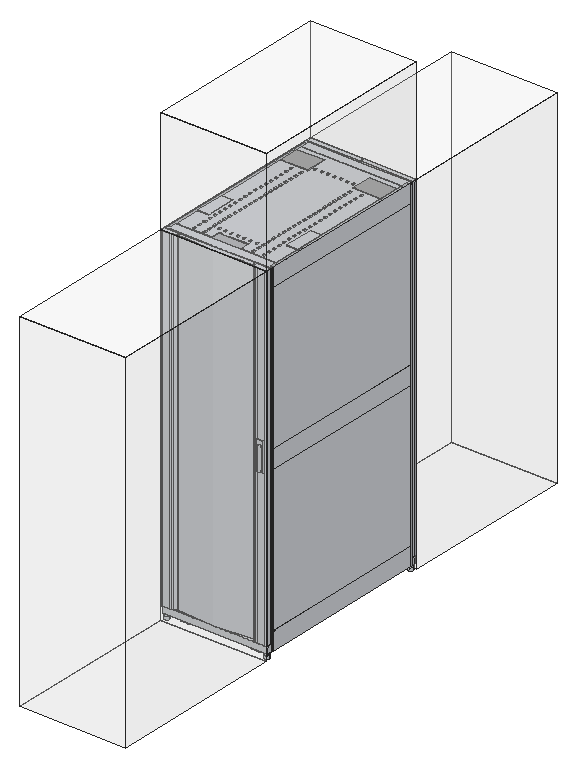
Revit family "BIM_NetShelter_SX_Series_Rack_Enclosure_21-jun-21", category Mechanical Equipment, Revit 2016 (continued)
Definition of nested family "Small Slots Array1"
  Automatic sketch dimensions
    Extrusion 6 sketch curve to Extrusion 6 sketch curve = 269.4 mm
    Extrusion 6 sketch curve to Extrusion 6 sketch curve = 0 mm
    Extrusion 6 sketch curve to Extrusion 6 sketch curve = 14 mm  (x2)
    Extrusion 7 sketch curve to Extrusion 7 sketch curve = 9.8 mm  (x2)
    Extrusion 7 sketch curve to Extrusion 7 sketch curve = 269.4 mm
    Extrusion 7 sketch curve to Extrusion 7 sketch curve = 0 mm
    Extrusion 7 sketch curve to Extrusion 7 sketch curve = 14 mm  (x2)
    Extrusion 8 sketch curve to Extrusion 8 sketch curve = 9.8 mm  (x2)
    Extrusion 8 sketch curve to Extrusion 8 sketch curve = 269.4 mm
    Extrusion 8 sketch curve to Extrusion 8 sketch curve = 0 mm
    Extrusion 8 sketch curve to Extrusion 8 sketch curve = 14 mm  (x2)
    Extrusion 9 sketch curve to Extrusion 9 sketch curve = 9.8 mm  (x2)
    Extrusion 9 sketch curve to Extrusion 9 sketch curve = 269.4 mm
    Extrusion 9 sketch curve to Extrusion 9 sketch curve = 0 mm
    Extrusion 9 sketch curve to Extrusion 9 sketch curve = 14 mm  (x2)
    Extrusion 10 sketch curve to Extrusion 10 sketch curve = 9.8 mm  (x2)
    Extrusion 10 sketch curve to Extrusion 10 sketch curve = 269.4 mm
    Extrusion 10 sketch curve to Extrusion 10 sketch curve = 0 mm
    Extrusion 10 sketch curve to Extrusion 10 sketch curve = 14 mm  (x2)
    Extrusion 11 sketch curve to Extrusion 11 sketch curve = 9.8 mm  (x2)
    Extrusion 11 sketch curve to Extrusion 11 sketch curve = 269.4 mm
    Extrusion 11 sketch curve to Extrusion 11 sketch curve = 0 mm
    Extrusion 11 sketch curve to Extrusion 11 sketch curve = 14 mm  (x2)
    Extrusion 12 sketch curve to Extrusion 12 sketch curve = 9.8 mm  (x2)
    Extrusion 12 sketch curve to Extrusion 12 sketch curve = 269.4 mm
    Extrusion 12 sketch curve to Extrusion 12 sketch curve = 0 mm
    Extrusion 12 sketch curve to Extrusion 12 sketch curve = 14 mm  (x2)
    Extrusion 13 sketch curve to Extrusion 13 sketch curve = 9.8 mm  (x2)
    Extrusion 13 sketch curve to Extrusion 13 sketch curve = 269.4 mm
    Extrusion 13 sketch curve to Extrusion 13 sketch curve = 0 mm
    Extrusion 13 sketch curve to Extrusion 13 sketch curve = 14 mm  (x2)
    Extrusion 14 sketch curve to Extrusion 14 sketch curve = 9.8 mm  (x2)
    Extrusion 14 sketch curve to Extrusion 14 sketch curve = 269.4 mm
    Extrusion 14 sketch curve to Extrusion 14 sketch curve = 0 mm
    Extrusion 14 sketch curve to Extrusion 14 sketch curve = 14 mm  (x2)
    Extrusion 15 sketch curve to Extrusion 15 sketch curve = 9.8 mm  (x2)
    Extrusion 15 sketch curve to Extrusion 15 sketch curve = 269.4 mm
    Extrusion 15 sketch curve to Extrusion 15 sketch curve = 0 mm
    Extrusion 15 sketch curve to Extrusion 15 sketch curve = 14 mm  (x2)
    Extrusion 16 sketch curve to Extrusion 16 sketch curve = 9.8 mm  (x2)
    Extrusion 16 sketch curve to Extrusion 16 sketch curve = 269.4 mm
    Extrusion 16 sketch curve to Extrusion 16 sketch curve = 0 mm
    Extrusion 16 sketch curve to Extrusion 16 sketch curve = 14 mm  (x2)
    Extrusion 17 sketch curve to Extrusion 17 sketch curve = 9.8 mm  (x2)
    Extrusion 17 sketch curve to Extrusion 17 sketch curve = 269.4 mm
    Extrusion 17 sketch curve to Extrusion 17 sketch curve = 0 mm
    Extrusion 17 sketch curve to Extrusion 17 sketch curve = 14 mm  (x2)
    Extrusion 18 sketch curve to Extrusion 18 sketch curve = 9.8 mm  (x2)
    Extrusion 18 sketch curve to Extrusion 18 sketch curve = 269.4 mm
    Extrusion 18 sketch curve to Extrusion 18 sketch curve = 0 mm
    Extrusion 18 sketch curve to Extrusion 18 sketch curve = 14 mm  (x2)
    Extrusion 19 sketch curve to Extrusion 19 sketch curve = 9.8 mm  (x2)
    Extrusion 19 sketch curve to Extrusion 19 sketch curve = 269.4 mm
    Extrusion 19 sketch curve to Extrusion 19 sketch curve = 0 mm
    Extrusion 19 sketch curve to Extrusion 19 sketch curve = 14 mm  (x2)
    Extrusion 20 sketch curve to Extrusion 20 sketch curve = 9.8 mm  (x2)
    Extrusion 20 sketch curve to Extrusion 20 sketch curve = 269.4 mm
    Extrusion 20 sketch curve to Extrusion 20 sketch curve = 0 mm
    Extrusion 20 sketch curve to Extrusion 20 sketch curve = 14 mm  (x2)
    Extrusion 21 sketch curve to Extrusion 21 sketch curve = 9.8 mm  (x2)
    Extrusion 21 sketch curve to Extrusion 21 sketch curve = 269.4 mm
    Extrusion 21 sketch curve to Extrusion 21 sketch curve = 0 mm
    Extrusion 21 sketch curve to Extrusion 21 sketch curve = 14 mm  (x2)
    Extrusion 22 sketch curve to Extrusion 22 sketch curve = 9 mm
    Extrusion 22 sketch curve to Extrusion 22 sketch curve = 10 mm
    Extrusion 23 sketch curve to Extrusion 23 sketch curve = 9 mm
    Extrusion 23 sketch curve to Extrusion 23 sketch curve = 10 mm
    Extrusion 24 sketch curve to Extrusion 24 sketch curve = 9 mm
    Extrusion 24 sketch curve to Extrusion 24 sketch curve = 10 mm
    Extrusion 25 sketch curve to Extrusion 25 sketch curve = 9 mm
    Extrusion 25 sketch curve to Extrusion 25 sketch curve = 10 mm
    Extrusion 26 sketch curve to Extrusion 26 sketch curve = 9 mm
    Extrusion 26 sketch curve to Extrusion 26 sketch curve = 10 mm
    Extrusion 27 sketch curve to Extrusion 27 sketch curve = 9 mm
    Extrusion 27 sketch curve to Extrusion 27 sketch curve = 10 mm
    Extrusion 28 sketch curve to Extrusion 28 sketch curve = 9 mm
    Extrusion 28 sketch curve to Extrusion 28 sketch curve = 10 mm
    Extrusion 29 sketch curve to Extrusion 29 sketch curve = 9 mm
    Extrusion 29 sketch curve to Extrusion 29 sketch curve = 10 mm
    Extrusion 30 sketch curve to Extrusion 30 sketch curve = 9 mm
    Extrusion 30 sketch curve to Extrusion 30 sketch curve = 10 mm
    Extrusion 31 sketch curve to Extrusion 31 sketch curve = 9 mm
    Extrusion 31 sketch curve to Extrusion 31 sketch curve = 10 mm
    Extrusion 32 sketch curve to Extrusion 32 sketch curve = 9 mm
    Extrusion 32 sketch curve to Extrusion 32 sketch curve = 10 mm
    Extrusion 33 sketch curve to Extrusion 33 sketch curve = 9 mm
    Extrusion 33 sketch curve to Extrusion 33 sketch curve = 10 mm
    Extrusion 34 sketch curve to Extrusion 34 sketch curve = 10 mm  (x2)
    Extrusion 34 sketch curve to Extrusion 34 sketch curve = 385 mm
    Extrusion 34 sketch curve to Extrusion 34 sketch curve = 0 mm
    Extrusion 34 sketch curve to Extrusion 34 sketch curve = 9 mm  (x2)
    Extrusion 35 sketch curve to Extrusion 35 sketch curve = 10 mm  (x2)
    Extrusion 35 sketch curve to Extrusion 35 sketch curve = 385 mm
    Extrusion 35 sketch curve to Extrusion 35 sketch curve = 0 mm
    Extrusion 35 sketch curve to Extrusion 35 sketch curve = 9 mm  (x2)
    Extrusion 36 sketch curve to Extrusion 36 sketch curve = 10 mm  (x2)
    Extrusion 36 sketch curve to Extrusion 36 sketch curve = 385 mm
    Extrusion 36 sketch curve to Extrusion 36 sketch curve = 0 mm
    Extrusion 36 sketch curve to Extrusion 36 sketch curve = 9 mm  (x2)
    Extrusion 37 sketch curve to Extrusion 37 sketch curve = 10 mm  (x2)
    Extrusion 37 sketch curve to Extrusion 37 sketch curve = 385 mm
    Extrusion 37 sketch curve to Extrusion 37 sketch curve = 0 mm
    Extrusion 37 sketch curve to Extrusion 37 sketch curve = 9 mm  (x2)
    Extrusion 38 sketch curve to Extrusion 38 sketch curve = 10 mm  (x2)
    Extrusion 38 sketch curve to Extrusion 38 sketch curve = 385 mm
    Extrusion 38 sketch curve to Extrusion 38 sketch curve = 0 mm
    Extrusion 38 sketch curve to Extrusion 38 sketch curve = 9 mm  (x2)
    Extrusion 39 sketch curve to Extrusion 39 sketch curve = 10 mm  (x2)
    Extrusion 39 sketch curve to Extrusion 39 sketch curve = 385 mm
    Extrusion 39 sketch curve to Extrusion 39 sketch curve = 0 mm
    Extrusion 39 sketch curve to Extrusion 39 sketch curve = 9 mm  (x2)
    Extrusion 40 sketch curve to Extrusion 40 sketch curve = 10 mm  (x2)
    Extrusion 40 sketch curve to Extrusion 40 sketch curve = 385 mm
    Extrusion 40 sketch curve to Extrusion 40 sketch curve = 0 mm
    Extrusion 40 sketch curve to Extrusion 40 sketch curve = 9 mm  (x2)
    Extrusion 41 sketch curve to Extrusion 41 sketch curve = 10 mm  (x2)
    Extrusion 41 sketch curve to Extrusion 41 sketch curve = 385 mm
    Extrusion 41 sketch curve to Extrusion 41 sketch curve = 0 mm
    Extrusion 41 sketch curve to Extrusion 41 sketch curve = 9 mm  (x2)
    Extrusion 42 sketch curve to Extrusion 42 sketch curve = 10 mm  (x2)
    Extrusion 42 sketch curve to Extrusion 42 sketch curve = 385 mm
    Extrusion 42 sketch curve to Extrusion 42 sketch curve = 0 mm
    Extrusion 42 sketch curve to Extrusion 42 sketch curve = 9 mm  (x2)
    Extrusion 43 sketch curve to Extrusion 43 sketch curve = 10 mm  (x2)
    Extrusion 43 sketch curve to Extrusion 43 sketch curve = 385 mm
    Extrusion 43 sketch curve to Extrusion 43 sketch curve = 0 mm
    Extrusion 43 sketch curve to Extrusion 43 sketch curve = 9 mm  (x2)
    Extrusion 44 sketch curve to Extrusion 44 sketch curve = 10 mm  (x2)
    Extrusion 44 sketch curve to Extrusion 44 sketch curve = 385 mm
    Extrusion 44 sketch curve to Extrusion 44 sketch curve = 0 mm
    Extrusion 44 sketch curve to Extrusion 44 sketch curve = 9 mm  (x2)
    Extrusion 45 sketch curve to Extrusion 45 sketch curve = 10 mm  (x2)
    Extrusion 45 sketch curve to Extrusion 45 sketch curve = 385 mm
    Extrusion 45 sketch curve to Extrusion 45 sketch curve = 0 mm
    Extrusion 45 sketch curve to Extrusion 45 sketch curve = 9 mm  (x2)
    Extrusion 46 sketch curve to Extrusion 46 sketch curve = 10 mm  (x2)
    Extrusion 46 sketch curve to Extrusion 46 sketch curve = 385 mm
    Extrusion 46 sketch curve to Extrusion 46 sketch curve = 0 mm
    Extrusion 46 sketch curve to Extrusion 46 sketch curve = 9 mm  (x2)
    Extrusion 47 sketch curve to Extrusion 47 sketch curve = 10 mm  (x2)
    Extrusion 47 sketch curve to Extrusion 47 sketch curve = 385 mm
    Extrusion 47 sketch curve to Extrusion 47 sketch curve = 0 mm
    Extrusion 47 sketch curve to Extrusion 47 sketch curve = 9 mm  (x2)
    Extrusion 48 sketch curve to Extrusion 48 sketch curve = 10 mm  (x2)
    Extrusion 48 sketch curve to Extrusion 48 sketch curve = 385 mm
    Extrusion 48 sketch curve to Extrusion 48 sketch curve = 0 mm
    Extrusion 48 sketch curve to Extrusion 48 sketch curve = 9 mm  (x2)
    Extrusion 49 sketch curve to Extrusion 49 sketch curve = 10 mm  (x2)
    Extrusion 49 sketch curve to Extrusion 49 sketch curve = 385 mm
    Extrusion 49 sketch curve to Extrusion 49 sketch curve = 0 mm
    Extrusion 49 sketch curve to Extrusion 49 sketch curve = 9 mm  (x2)
    Extrusion 50 sketch curve to Extrusion 50 sketch curve = 10 mm  (x2)
    Extrusion 50 sketch curve to Extrusion 50 sketch curve = 385 mm
    Extrusion 50 sketch curve to Extrusion 50 sketch curve = 0 mm
    Extrusion 50 sketch curve to Extrusion 50 sketch curve = 9 mm  (x2)
    Extrusion 51 sketch curve to Extrusion 51 sketch curve = 10 mm  (x2)
    Extrusion 51 sketch curve to Extrusion 51 sketch curve = 385 mm
    Extrusion 51 sketch curve to Extrusion 51 sketch curve = 0 mm
    Extrusion 51 sketch curve to Extrusion 51 sketch curve = 9 mm  (x2)
    Extrusion 52 sketch curve to Extrusion 52 sketch curve = 10 mm  (x2)
    Extrusion 52 sketch curve to Extrusion 52 sketch curve = 385 mm
    Extrusion 52 sketch curve to Extrusion 52 sketch curve = 0 mm
    Extrusion 52 sketch curve to Extrusion 52 sketch curve = 9 mm  (x2)
    Extrusion 53 sketch curve to Extrusion 53 sketch curve = 10 mm  (x2)
    Extrusion 53 sketch curve to Extrusion 53 sketch curve = 385 mm
    Extrusion 53 sketch curve to Extrusion 53 sketch curve = 0 mm
    Extrusion 53 sketch curve to Extrusion 53 sketch curve = 9 mm  (x2)
    Extrusion 54 sketch curve to Extrusion 54 sketch curve = 9 mm
    Extrusion 54 sketch curve to Extrusion 54 sketch curve = 10 mm
    Extrusion 55 sketch curve to Extrusion 55 sketch curve = 9 mm
    Extrusion 55 sketch curve to Extrusion 55 sketch curve = 10 mm
Definition of nested family "Handle"
  Parameters (values of type "Handle")
    Width = 600 mm
    Length = 1070 mm
  Reference planes
    plane 1 "Center (Front/Back)": y = 0
    plane 2: z = 0
    plane 3 "Center (Left/Right)": x = 0
    plane 4: x = -300
    plane 5: x = 300
  Forms (mm)
    Extrusion 1, solid
      sketch origin (0, 0, 0) x (1, 0, 0) y (0, 0, 1)
        loop
          line (254.314, 1116.926) -> (254.314, 956.867) -> (289.978, 956.867) -> (289.978, 1116.926) -> (254.314, 1116.926)
      from 535 to 544
    Extrusion 2, solid
      sketch origin (0, 0, 0) x (1, 0, 0) y (0, 0, 1)
        loop
          arc (260.892, 967.812) -> (261.798, 963.361) -> (264.243, 959.533) r 12.424
          line (264.243, 959.533) -> (265.942, 958.184) -> (267.875, 957.182) -> (269.969, 956.566) -> (272.146, 956.358) -> (274.323, 956.566) -> (276.417, 957.182) -> (278.35, 958.184) -> (280.049, 959.533)
          arc (280.049, 959.533) -> (282.494, 963.361) -> (283.4, 967.812) r 12.424
          line (283.4, 967.812) -> (283.4, 973.78) -> (283.4, 975.365) -> (283.4, 1085.405)
          arc (283.4, 1085.405) -> (272.146, 1096.659) -> (260.892, 1085.405) r 11.254
          line (260.892, 1085.405) -> (260.892, 975.365) -> (260.892, 973.78) -> (260.892, 967.812)
      from 544 to 546
  Cuts and joins
    joined: Extrusion 1, Extrusion 2
  Dimensions and locks
    equal spacing: plane 4, plane 3 "Center (Left/Right)", plane 5
    "Width": plane 4 to plane 5
    aligned and locked: level to plane 2
  Automatic sketch dimensions
    Extrusion 1 sketch curve to plane 5 = 45.686 mm
    Extrusion 1 sketch curve to plane 5 = 10.022 mm
    level to Extrusion 1 sketch curve = 956.867 mm
    Extrusion 1 sketch curve to Extrusion 1 sketch curve = 160.059 mm
    Extrusion 2 sketch curve to plane 5 = 35.757 mm
    Extrusion 2 sketch curve to Extrusion 2 sketch curve = 9.071 mm
    level to Extrusion 2 sketch curve = 959.533 mm
    Extrusion 2 sketch curve to Extrusion 2 sketch curve = 8.49 mm
    Extrusion 2 sketch curve to Extrusion 2 sketch curve = 3.351 mm  (x2)
    Extrusion 2 sketch curve to Extrusion 2 sketch curve = 1.699 mm  (x2)
    Extrusion 2 sketch curve to Extrusion 2 sketch curve = 1.349 mm  (x2)
    Extrusion 2 sketch curve to Extrusion 2 sketch curve = 1.933 mm  (x2)
    Extrusion 2 sketch curve to Extrusion 2 sketch curve = 1.002 mm  (x2)
    Extrusion 2 sketch curve to Extrusion 2 sketch curve = 2.094 mm  (x2)
    Extrusion 2 sketch curve to Extrusion 2 sketch curve = 0.617 mm  (x2)
    Extrusion 2 sketch curve to Extrusion 2 sketch curve = 2.177 mm  (x2)
    Extrusion 2 sketch curve to Extrusion 2 sketch curve = 0.208 mm  (x2)
    Extrusion 2 sketch curve to Extrusion 2 sketch curve = 2.337 mm
    Extrusion 2 sketch curve to Extrusion 2 sketch curve = 0 mm
    Extrusion 2 sketch curve to Extrusion 2 sketch curve = 5.968 mm  (x2)
    Extrusion 2 sketch curve to Extrusion 2 sketch curve = 1.585 mm  (x2)
    Extrusion 2 sketch curve to Extrusion 2 sketch curve = 110.041 mm
Definition of nested family "Foot-Nested"
  Parameters (values of type "Foot-Nested")
    Foot to Foot-Side = 1023 mm
    Foot to Foot-Front = 570 mm
  Reference planes
    plane 1 "Center (Front/Back)": y = 0
    plane 2: z = 0
    plane 3 "Center (Left/Right)": x = 0
    plane 4: x = -285
    plane 5: x = 285
    plane 6: y = 511.5
    plane 7: y = -511.5
  Forms (mm)
    Extrusion 1, solid
      sketch origin (0, 0, 0) x (1, 0, 0) y (0, 1, 0)
        loop
          circle (-285, 511.5) r 14
      from 9 to 21
    Extrusion 2, solid
      sketch origin (0, 0, 0) x (1, 0, 0) y (0, 1, 0)
        loop
          circle (-285, 511.5) r 7.5
      from 21 to 37
    Extrusion 3, solid
      sketch origin (0, 0, 0) x (-1, 0, 0) y (0, -1, 0)
        loop
          circle (-285, -511.5) r 14
      from 9 to 21
    Extrusion 4, solid
      sketch origin (0, 0, 0) x (-1, 0, 0) y (0, -1, 0)
        loop
          circle (-285, -511.5) r 7.5
      from 21 to 37
    Extrusion 5, solid
      sketch origin (0, 0, 0) x (1, 0, 0) y (0, 1, 0)
        loop
          circle (-285, -511.5) r 14
      from 9 to 21
    Extrusion 6, solid
      sketch origin (0, 0, 0) x (1, 0, 0) y (0, 1, 0)
        loop
          circle (-285, -511.5) r 7.5
      from 21 to 37
    Extrusion 7, solid
      sketch origin (0, 0, 0) x (-1, 0, 0) y (0, -1, 0)
        loop
          circle (-285, 511.5) r 14
      from 9 to 21
    Extrusion 8, solid
      sketch origin (0, 0, 0) x (-1, 0, 0) y (0, -1, 0)
        loop
          circle (-285, 511.5) r 7.5
      from 21 to 37
  Cuts and joins
    joined: Extrusion 1, Extrusion 2
  Dimensions and locks
    equal spacing: plane 4, plane 3 "Center (Left/Right)", plane 5  (x2)
    "Foot to Foot-Front": plane 4 to plane 5  (x2)
    equal spacing: plane 7, plane 1 "Center (Front/Back)", plane 6  (x2)
    "Foot to Foot-Side": plane 7 to plane 6  (x2)
    aligned and locked: level to plane 2
  Automatic sketch dimensions
    Extrusion 1 sketch curve to plane 4 = 0 mm
    plane 6 to Extrusion 1 sketch curve = 0 mm
    Extrusion 2 sketch curve to plane 4 = 0 mm
    plane 6 to Extrusion 2 sketch curve = 0 mm
    Extrusion 3 sketch curve to plane 5 = 0 mm
    plane 6 to Extrusion 3 sketch curve = 0 mm
    Extrusion 4 sketch curve to plane 5 = 0 mm
    plane 6 to Extrusion 4 sketch curve = 0 mm
    Extrusion 5 sketch curve to plane 4 = 0 mm
    plane 7 to Extrusion 5 sketch curve = 0 mm
    Extrusion 6 sketch curve to plane 4 = 0 mm
    plane 7 to Extrusion 6 sketch curve = 0 mm
    Extrusion 7 sketch curve to plane 5 = 0 mm
    plane 7 to Extrusion 7 sketch curve = 0 mm
    Extrusion 8 sketch curve to plane 5 = 0 mm
    plane 7 to Extrusion 8 sketch curve = 0 mm
    radius of Extrusion 1 sketch curve = 14 mm
    radius of Extrusion 2 sketch curve = 7.5 mm
    radius of Extrusion 3 sketch curve = 14 mm
    radius of Extrusion 4 sketch curve = 7.5 mm
    radius of Extrusion 5 sketch curve = 14 mm
    radius of Extrusion 6 sketch curve = 7.5 mm
    radius of Extrusion 7 sketch curve = 14 mm
    radius of Extrusion 8 sketch curve = 7.5 mm
Definition of nested family "Wheel-Nested"
  Parameters (values of type "Wheel-Nested")
    W to W Side = 941 mm
    W to W-Front = 358 mm
  Reference planes
    plane 1 "Center (Front/Back)": y = 0
    plane 2: z = 0
    plane 3 "Center (Left/Right)": x = 0
    plane 4: y = 470.5
    plane 5: y = -470.5
    plane 6: z = 25
    plane 7: x = -179
    plane 8: x = 179
  Forms (mm)
    Extrusion 1, solid
      sketch origin (0, 0, 0) x (0, -1, 0) y (0, 0, -1)
        loop
          circle (-470.5, -25) r 25
      from 179 to 221
    Extrusion 2, solid
      sketch origin (0, 0, 0) x (0, -1, 0) y (0, 0, 1)
        loop
          circle (-470.5, 25) r 25
      from 179 to 221
    Extrusion 3, solid
      sketch origin (0, 0, 0) x (0, 1, 0) y (0, 0, 1)
        loop
          circle (-470.5, 25) r 25
      from 179 to 221
    Extrusion 4, solid
      sketch origin (0, 0, 0) x (0, 1, 0) y (0, 0, -1)
        loop
          circle (-470.5, -25) r 25
      from 179 to 221
  Dimensions and locks
    equal spacing: plane 5, plane 1 "Center (Front/Back)", plane 4  (x2)
    "W to W Side": plane 5 to plane 4
    equal spacing: plane 7, plane 3 "Center (Left/Right)", plane 8
    "W to W-Front": plane 7 to plane 8
    aligned and locked: level to plane 2
    aligned and locked: plane 7 to Extrusion 2
    aligned and locked: Extrusion 2 to plane 7  (x2)
    aligned and locked: Extrusion 1 to plane 8
    aligned and locked: plane 8 to Extrusion 1
    aligned and locked: plane 7 to Extrusion 4
    aligned and locked: Extrusion 3 to plane 8
  Automatic sketch dimensions
    Extrusion 1 sketch curve to plane 4 = 0 mm
    Extrusion 1 sketch curve to plane 6 = 0 mm
    Extrusion 2 sketch curve to plane 4 = 0 mm
    Extrusion 2 sketch curve to plane 6 = 0 mm
    Extrusion 3 sketch curve to plane 5 = 0 mm
    Extrusion 3 sketch curve to plane 6 = 0 mm
    Extrusion 4 sketch curve to plane 5 = 0 mm
    Extrusion 4 sketch curve to plane 6 = 0 mm
    radius of Extrusion 1 sketch curve = 25 mm
    radius of Extrusion 2 sketch curve = 25 mm
    radius of Extrusion 3 sketch curve = 25 mm
    radius of Extrusion 4 sketch curve = 25 mm
Definition of nested family "Family1"
  Reference planes
    plane 1: y = 0
    plane 2: x = 0
  Text (mm)
    text "RACK" at (-1.875, 0.797, 0)
Types (29, lengths in mm): name | Width | Wheel to Wheel-V | W to W-H | URL | Top Roof | Slot 2 | Slot 1 | Side Posts | Product URL | OSSS-L2 | Number of small Slots L2 | Number of Small Slots L1 | Net Weight of Unit | Foot to Foot-V | Foot to Foot-H | Door1 | Door Radius | OSSS-L1 | Length | Height | Handle to Handle | Door Width L1 | Door | Cutout Width | Cutout Height | Cutout Distance | Cutout 2 | Cutout 1 | Cut ref | Centre Slot
  (no name) | 600 | 941 | 358 | "http://www.schneider-electric.com" | 892 | no | yes | 1954.5 | "https://www.apc.com/shop/in/en/products/APC-NetShelter-SX-42U-Server-Rack-Enclosure-600mm-x-1070mm-w-Sides-Black/P-AR3100" | 698 | 20 | 20 | 125.00 kg | 1023 | 570 | 1910.5 | 1419 | 700 | 1070 | 1991 | 1092 | 431 | 1910.5 | 155 | 117 | 590 | no | yes | 55 | yes
  AR3100 - NetShelter SX, 42U, 600mm Wide X 1070mm Depth | 600 | 941 | 358 | "http://www.schneider-electric.com" | 892 | no | yes | 1954.5 | "https://www.apc.com/shop/in/en/products/APC-NetShelter-SX-42U-Server-Rack-Enclosure-600mm-x-1070mm-w-Sides-Black/P-AR3100" | 698 | 20 | 20 | 125.00 kg | 1023 | 570 | 1910.5 | 1419 | 700 | 1070 | 1991 | 1092 | 431 | 1910.5 | 155 | 117 | 590 | no | yes | 55 | yes
  AR3307 - NetShelter SX, 48U, 600mm Wide X 1200mm Depth | 600 | 1072 | 358 | "http://www.schneider-electric.com" | 1021 | yes | yes | 2221.5 | "https://www.apc.com/shop/in/en/products/NetShelter-SX-48U-600mm-Wide-x-1200mm-Deep-Enclosure-with-Sides-Black/P-AR3307" | 986 | 28 | 21 | 149.55 kg | 1154 | 570 | 2177.5 | 1419.972 | 760 | 1200 | 2258 | 1222 | 431 | 2177.5 | 117 | 200 | 640 | no | yes | 55 | yes
  AR3150 - NetShelter SX, 42U, 750mm Wide X 1070mm Depth | 750 | 941 | 508 | "http://www.schneider-electric.com" | 892 | no | yes | 1954.5 | "https://www.apc.com/shop/in/en/products/NetShelter-SX-42U-750mm-Wide-x-1070mm-Deep-Enclosure-with-Sides-Black/P-AR3150" | 840 | 20 | 20 | 138.23 kg | 1023 | 720 | 1910.5 | 2586 | 698 | 1070 | 1991 | 1092 | 581 | 1910.5 | 155 | 117 | 600 | no | yes | 55 | yes
  AR3105 - NetShelter SX, 45U, 600mm Wide X 1070mm Depth | 600 | 941 | 358 | "http://www.schneider-electric.com" | 892 | no | yes | 2087.5 | "https://www.apc.com/shop/in/en/products/NetShelter-SX-45U-600mm-Wide-x-1070mm-Deep-Enclosure-with-Sides-Black/P-AR3105" | 698 | 20 | 20 | 137.00 kg | 1023 | 570 | 2043.5 | 1419 | 693 | 1070 | 2124 | 1092 | 431 | 2043.5 | 155 | 117 | 600 | no | yes | 55 | yes
  AR3140 - NetShelter SX, 42U, 750mm Wide X 1070mm Depth | 750 | 941 | 508 | "http://www.schneider-electric.com" | 892 | no | no | 1954.5 | "https://www.apc.com/shop/in/en/products/NetShelter-SX-42U-750mm-Wide-x-1070mm-Deep-Networking-Enclosure-with-Sides-Black/P-AR3140" | 825 | 20 | 20 | 156.00 kg | 1023 | 720 | 1910.5 | 2586 | 825 | 1070 | 1991 | 1092 | 581 | 1910.5 | 142 | 117 | 423 | yes | no | 1 | no
  AR3155 - NetShelter SX, 45U, 750mm Wide X 1070mm Depth | 750 | 941 | 508 | "http://www.schneider-electric.com" | 892 | no | yes | 2087.5 | "https://www.apc.com/shop/in/en/products/NetShelter-SX-45U-750mm-Wide-x-1070mm-Deep-Enclosure-with-Sides-Black/P-AR3155" | 850 | 20 | 20 | 155.00 kg | 1023 | 720 | 2043.5 | 2586 | 710 | 1070 | 2124 | 1092 | 581 | 2043.5 | 155 | 117 | 600 | no | yes | 55 | yes
  AR3107 - NetShelter SX, 48U, 600mm Wide X 1070mm Depth | 600 | 941 | 358 | "http://www.schneider-electric.com" | 892 | no | yes | 2221.5 | "https://www.apc.com/shop/in/en/products/NetShelter-SX-48U-600mm-Wide-x-1070mm-Deep-Enclosure-with-Sides-Black/P-AR3107" | 698 | 20 | 20 | 138.23 kg | 1023 | 570 | 2177.5 | 1419 | 693 | 1070 | 2258 | 1092 | 431 | 2177.5 | 155 | 117 | 600 | no | yes | 55 | yes
  AR3157SP - NetShelter SX, 48U, 750mm Wide X 1070mm Depth | 750 | 941 | 508 | "http://www.schneider-electric.com" | 892 | no | yes | 2221.5 | "https://www.apc.com/shop/in/en/products/NetShelter-SX-48U-750mm-Wide-x-1070mm-Deep-Enclosure-with-Sides-Black-2000-lbs-Shock-Packaging/P-AR3157SP" | 850 | 20 | 20 | 169.00 kg | 1023 | 720 | 2177.5 | 2586 | 710 | 1070 | 2258 | 1092 | 581 | 2177.5 | 155 | 117 | 600 | no | yes | 55 | yes
  AR3300 - NetShelter SX, 42U, 600mm Wide X 1200mm Depth | 600 | 1072 | 358 | "http://www.schneider-electric.com" | 1021 | yes | yes | 1954.5 | "https://www.apc.com/shop/in/en/products/NetShelter-SX-42U-600mm-Wide-x-1200mm-Deep-Enclosure-with-Sides-Black/P-AR3300" | 986 | 28 | 21 | 134.00 kg | 1154 | 570 | 1910.5 | 1419.972 | 760 | 1200 | 1991 | 1222 | 431 | 1910.5 | 117 | 200 | 640 | no | yes | 55 | yes
  AR3305 - NetShelter SX, 45U, 600mm Wide X 1200mm Depth | 600 | 1072 | 358 | "http://www.schneider-electric.com" | 1021 | yes | yes | 2087.5 | "https://www.apc.com/shop/in/en/products/NetShelter-SX-45U-600mm-Wide-x-1200mm-Deep-Enclosure-with-Sides-Black/P-AR3305" | 986 | 28 | 21 | 141.00 kg | 1154 | 570 | 2043.5 | 1419.972 | 760 | 1200 | 2124 | 1222 | 431 | 2043.5 | 117 | 200 | 640 | no | yes | 55 | yes
  AR3340 - NetShelter SX, 42U, 750mm Wide X 1200mm Depth | 750 | 1072 | 508 | "http://www.schneider-electric.com" | 1021 | no | no | 1954.5 | "https://www.apc.com/shop/in/en/products/NetShelter-SX-42U-750mm-Wide-x-1200mm-Deep-Networking-Enclosure-with-Sides-Black/P-AR3340" | 986 | 28 | 28 | 161.40 kg | 1154 | 720 | 1910.5 | 2586 | 986 | 1200 | 1991 | 1222 | 581 | 1910.5 | 145 | 240 | 428 | yes | no | 1 | no
  AR3350 - NetShelter SX, 42U, 750mm Wide X 1200mm Depth | 750 | 1072 | 508 | "http://www.schneider-electric.com" | 1021 | yes | yes | 1954.5 | "https://www.apc.com/shop/in/en/products/NetShelter-SX-42U-750mm-Wide-x-1200mm-Deep-Enclosure-with-Sides-Black/P-AR3350" | 986 | 28 | 28 | 161.40 kg | 1154 | 720 | 1910.5 | 2586 | 986 | 1200 | 1991 | 1222 | 581 | 1910.5 | 117 | 200 | 640 | no | yes | 55 | yes
  AR3355 - NetShelter SX, 45U, 750mm Wide X 1200mm Depth | 750 | 1072 | 508 | "http://www.schneider-electric.com" | 1021 | yes | yes | 2087.5 | "https://www.apc.com/shop/in/en/products/NetShelter-SX-42U-750mm-Wide-x-1200mm-Deep-Enclosure-with-Sides-Black/P-AR3355" | 986 | 28 | 28 | 169.00 kg | 1154 | 720 | 2043.5 | 2586 | 986 | 1200 | 2124 | 1222 | 581 | 2043.5 | 117 | 200 | 640 | no | yes | 55 | yes
  AR3347 - NetShelter SX, 48U, 750mm Wide X 1200mm Depth | 750 | 1072 | 508 | "http://www.schneider-electric.com" | 1021 | no | no | 2221.5 | "https://www.apc.com/shop/in/en/products/NetShelter-SX-48U-750mm-Wide-x-1200mm-Deep-Networking-Enclosure-with-Sides-Black/P-AR3347" | 986 | 28 | 28 | 185.00 kg | 1154 | 720 | 2177.5 | 2586 | 986 | 1200 | 2258 | 1222 | 581 | 2177.5 | 145 | 240 | 428 | yes | no | 1 | no
  AR3357 - NetShelter SX, 48U, 750mm Wide X 1200mm Depth | 750 | 1072 | 508 | "http://www.schneider-electric.com" | 1021 | yes | yes | 2221.5 | "https://www.apc.com/shop/in/en/products/NetShelter-SX-42U-750mm-Wide-x-1200mm-Deep-Enclosure-with-Sides-Black/P-AR3357" | 986 | 28 | 28 | 169.00 kg | 1154 | 720 | 2177.5 | 2586 | 986 | 1200 | 2258 | 1222 | 581 | 2177.5 | 117 | 200 | 640 | no | yes | 55 | yes
  AR3380G - NetShelter SX, 42U, 800mm Wide X 1200mm Depth | 800 | 1072 | 642 | "http://www.schneider-electric.com" | 1021 | yes | yes | 1954.5 | "" | 986 | 28 | 28 | 181.50 kg | 1154 | 720 | 1910.5 | 3048 | 986 | 1200 | 1991 | 1222 | 631 | 1910.5 | 117 | 210 | 640 | no | yes | 55 | yes
  AR3155SP - NetShelter SX, 45U, 750mm Wide X 1070mm Depth | 750 | 941 | 508 | "http://www.schneider-electric.com" | 892 | no | yes | 2087.5 | "" | 850 | 20 | 20 | 155.00 kg | 1023 | 720 | 2043.5 | 2586 | 710 | 1070 | 2124 | 1092 | 581 | 2043.5 | 155 | 117 | 600 | no | yes | 55 | yes
  AR3157 - NetShelter SX, 48U, 750mm Wide X 1070mm Depth | 750 | 941 | 508 | "http://www.schneider-electric.com" | 892 | no | yes | 2221.5 | "https://www.apc.com/shop/in/en/products/NetShelter-SX-48U-750mm-Wide-x-1070mm-Deep-Enclosure-with-Sides-Black/P-AR3157" | 850 | 20 | 20 | 169.00 kg | 1023 | 720 | 2177.5 | 2586 | 710 | 1070 | 2258 | 1092 | 581 | 2177.5 | 155 | 117 | 600 | no | yes | 55 | yes
  AR3100SP - NetShelter SX, 42U, 600mm Wide X 1070mm Depth | 600 | 941 | 358 | "http://www.schneider-electric.com" | 892 | no | yes | 1954.5 | "https://www.apc.com/shop/in/en/products/NetShelter-SX-42U-600mm-Wide-x-1070mm-Deep-Enclosure-with-Sides-Black-2000-lbs-Shock-Packaging/P-AR3100SP" | 698 | 20 | 20 | 125.00 kg | 1023 | 570 | 1910.5 | 1419 | 700 | 1070 | 1991 | 1092 | 431 | 1910.5 | 155 | 117 | 590 | no | yes | 55 | yes
  AR3105SP - NetShelter SX, 45U, 600mm Wide X 1070mm Depth | 600 | 941 | 358 | "http://www.schneider-electric.com" | 892 | no | yes | 2087.5 | "" | 698 | 20 | 20 | 137.00 kg | 1023 | 570 | 2043.5 | 1419 | 693 | 1070 | 2124 | 1092 | 431 | 2043.5 | 155 | 117 | 600 | no | yes | 55 | yes
  AR3107SP - NetShelter SX, 48U, 600mm Wide X 1070mm Depth | 600 | 941 | 358 | "http://www.schneider-electric.com" | 892 | no | yes | 2221.5 | "https://www.apc.com/shop/in/en/products/NetShelter-SX-48U-600mm-Wide-x-1070mm-Deep-Enclosure-with-Sides-Black-2000-lbs-Shock-Packaging/P-AR3107SP" | 698 | 20 | 20 | 138.23 kg | 1023 | 570 | 2177.5 | 1419 | 693 | 1070 | 2258 | 1092 | 431 | 2177.5 | 155 | 117 | 600 | no | yes | 55 | yes
  AR3150SP - NetShelter SX, 42U, 750mm Wide X 1070mm Depth | 750 | 941 | 508 | "http://www.schneider-electric.com" | 892 | no | yes | 1954.5 | "https://www.apc.com/shop/in/en/products/NetShelter-SX-42U-750mm-Wide-x-1070mm-Deep-Enclosure-with-Sides-Black-2000-lbs-Shock-Packaging/P-AR3150SP" | 840 | 20 | 20 | 138.23 kg | 1023 | 720 | 1910.5 | 2586 | 698 | 1070 | 1991 | 1092 | 581 | 1910.5 | 155 | 117 | 600 | no | yes | 55 | yes
  AR3300SP - NetShelter SX, 42U, 600mm Wide X 1200mm Depth | 600 | 1072 | 358 | "http://www.schneider-electric.com" | 1021 | yes | yes | 1954.5 | "https://www.apc.com/shop/in/en/products/NetShelter-SX-42U-600mm-Wide-x-1200mm-Deep-Enclosure-with-Sides-Black-2000-lbs-Shock-Packaging/P-AR3300SP" | 986 | 28 | 21 | 134.00 kg | 1154 | 570 | 1910.5 | 1419.972 | 760 | 1200 | 1991 | 1222 | 431 | 1910.5 | 117 | 200 | 640 | no | yes | 55 | yes
  AR3305SP - NetShelter SX, 45U, 600mm Wide X 1200mm Depth | 600 | 1072 | 358 | "http://www.schneider-electric.com" | 1021 | yes | yes | 2087.5 | "" | 986 | 28 | 21 | 141.00 kg | 1154 | 570 | 2043.5 | 1419.972 | 760 | 1200 | 2124 | 1222 | 431 | 2043.5 | 117 | 200 | 640 | no | yes | 55 | yes
  AR3307SP - NetShelter SX, 48U, 600mm Wide X 1200mm Depth | 600 | 1072 | 358 | "http://www.schneider-electric.com" | 1021 | yes | yes | 2221.5 | "https://www.apc.com/shop/in/en/products/NetShelter-SX-48U-600mm-Wide-x-1200mm-Deep-Enclosure-with-Sides-Black-2000-lbs-Shock-Packaging/P-AR3307SP" | 986 | 28 | 21 | 149.55 kg | 1154 | 570 | 2177.5 | 1419.972 | 760 | 1200 | 2258 | 1222 | 431 | 2177.5 | 117 | 200 | 640 | no | yes | 55 | yes
  AR3350SP - NetShelter SX, 42U, 750mm Wide X 1200mm Depth | 750 | 1072 | 508 | "http://www.schneider-electric.com" | 1021 | yes | yes | 1954.5 | "https://www.apc.com/shop/in/en/products/NetShelter-SX-42U-750mm-Wide-x-1200mm-Deep-Enclosure-with-Sides-Black/P-AR3350SP" | 986 | 28 | 28 | 161.40 kg | 1154 | 720 | 1910.5 | 2586 | 986 | 1200 | 1991 | 1222 | 581 | 1910.5 | 117 | 200 | 640 | no | yes | 55 | yes
  AR3355SP - NetShelter SX, 45U, 750mm Wide X 1200mm Depth | 750 | 1072 | 508 | "http://www.schneider-electric.com" | 1021 | yes | yes | 2087.5 | "" | 986 | 28 | 28 | 169.00 kg | 1154 | 720 | 2043.5 | 2586 | 986 | 1200 | 2124 | 1222 | 581 | 2043.5 | 117 | 200 | 640 | no | yes | 55 | yes
  AR3387 - NetShelter SX, 48U, 800mm Wide x 1200mm Depth | 800 | 1072 | 642 | "https://www.apc.com/shop/uk/en/products/NetShelter-SX-48U-800mm-Wide-x-1200mm-Deep-Enclosure-with-Sides-Black/P-AR3387" | 1021 | yes | yes | 2221.5 | "" | 986 | 28 | 28 | 200.50 kg | 1154 | 720 | 2177.5 | 3048 | 986 | 1200 | 2258 | 1222 | 631 | 2177.5 | 117 | 210 | 640 | no | yes | 55 | yes
